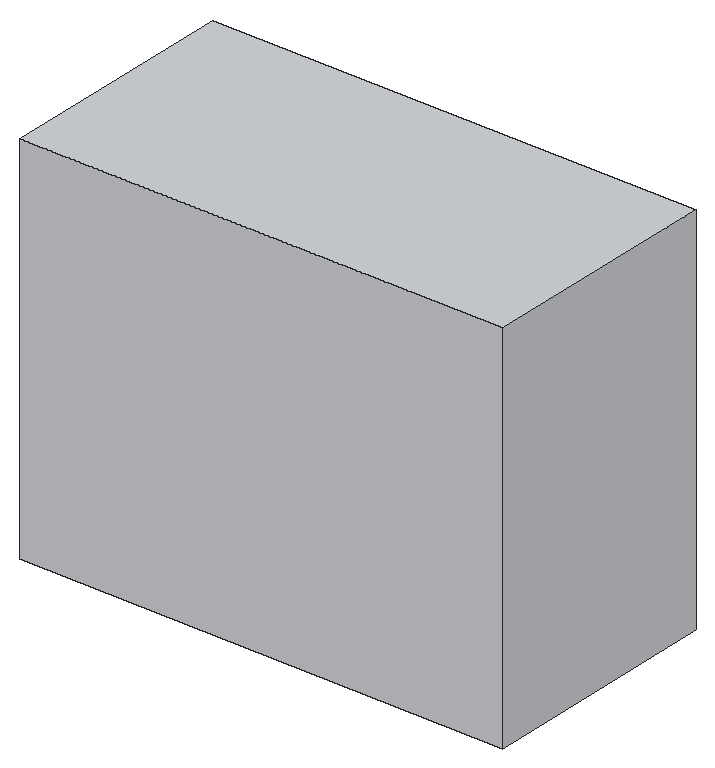
Revit family "c2b07cff3e654bfa97b6b2c19a0f26cb", category Mechanical Equipment, Revit 2021
Family settings
  Round Connector Dimension = Use Diameter
  Part Type = Normal
  OmniClass Number = 23.75.35.14
  OmniClass Title = Air Handling Units
  Seek Item ID = AHU Intake-0000-USA-ENU
  Work Plane-Based = No
  Always vertical = Yes
  Cut with Voids When Loaded = No
  Shared = No
  Room Calculation Point = No
Parameters (values of type "For 3 Square Feet of Coil")
  Default Elevation = 0' - 0"
  Air Pressure Drop [instance] = 0.09 in-wg
  Outlet Width = 32"
  Outlet Height = 25"
  Intake Width = 1' - 4"
  Intake Material = none
  Intake Length = 2' - 8"
  Intake Height = 2' - 1"
  Inlet Width = 32"
  Inlet Height = 25"
  Air Flow [instance] = 1800 CFM
Types (17): name | Outlet Width | Outlet Height | Intake Width | Intake Length | Intake Height | Inlet Width | Inlet Height | Air Flow
  (no name) | 32" | 25" | 1' - 4" | 2' - 8" | 2' - 1" | 32" | 25" | 1800 CFM
  For 3 Square Feet of Coil | 32" | 25" | 1' - 4" | 2' - 8" | 2' - 1" | 32" | 25" | 1800 CFM
  For 6 Square Feet of Coil | 44" | 28" | 1' - 4" | 3' - 8" | 2' - 4" | 44" | 28" | 3600 CFM
  For 8 Square Feet of Coil | 48" | 32" | 1' - 4" | 4' - 0" | 2' - 8" | 48" | 32" | 4800 CFM
  For 10 Square Feet of Coil | 60" | 34" | 1' - 4" | 5' - 0" | 2' - 10" | 60" | 34" | 6000 CFM
  For 12 Square Feet of Coil | 64" | 38" | 1' - 4" | 5' - 4" | 3' - 2" | 64" | 38" | 7200 CFM
  For 14 Square Feet of Coil | 68" | 40" | 1' - 4" | 5' - 8" | 3' - 4" | 68" | 40" | 8400 CFM
  For 17 Square Feet of Coil | 74" | 44" | 1' - 4" | 6' - 2" | 3' - 8" | 74" | 44" | 10200 CFM
  For 21 Square Feet of Coil | 76" | 50" | 1' - 4" | 6' - 4" | 4' - 2" | 76" | 50" | 12600 CFM
  For 25 Square Feet of Coil | 78" | 56" | 1' - 4" | 6' - 6" | 4' - 8" | 78" | 56" | 15000 CFM
  For 30 Square Feet of Coil | 92" | 56" | 1' - 4" | 7' - 8" | 4' - 8" | 92" | 56" | 18000 CFM
  For 35 Square Feet of Coil | 96" | 62" | 1' - 4" | 8' - 0" | 5' - 2" | 96" | 62" | 21000 CFM
  For 40 Square Feet of Coil | 110" | 62" | 1' - 4" | 9' - 2" | 5' - 2" | 110" | 62" | 24000 CFM
  For 50 Square Feet of Coil | 120" | 74" | 1' - 8" | 10' - 0" | 6' - 2" | 120" | 74" | 30000 CFM
  For 66 Square Feet of Coil | 138" | 92" | 2' - 6" | 11' - 6" | 7' - 8" | 138" | 92" | 39600 CFM
  For 80 Square Feet of Coil | 138" | 110" | 2' - 6" | 11' - 6" | 9' - 2" | 138" | 110" | 48000 CFM
  For 100 Square Feet of Coil | 152" | 120" | 2' - 6" | 12' - 8" | 10' - 0" | 152" | 120" | 60000 CFM
Reference planes (in)
  plane 1 "Center (Front/Back)": y = 0
  plane 2: z = 0
  plane 3 "Center (Left/Right)": x = 0
  plane 4: y = 16
  plane 5: x = -16
  plane 6: x = 16
  plane 7: z = 25
Forms (in)
  Extrusion 1, solid, material <- "Intake Material"
    sketch origin (0, 0, 0) x (1, 0, 0) y (0, 0, 1)
      loop
        line (-16, 25) -> (-16, 0) -> (16, 0) -> (16, 25) -> (-16, 25)
    from -16 to 0
Dimensions and locks (in)
  equal spacing: plane 5, plane 3 "Center (Left/Right)", plane 6
  "Intake Length": plane 5 to plane 6
  "Intake Width": plane 4 to plane 1 "Center (Front/Back)"
  "Intake Height": plane 7 to level
  aligned and locked: plane 2 to level
  aligned and locked: plane 5 to Extrusion 1 sketch curve
  aligned and locked: Extrusion 1 sketch curve to plane 7
  aligned and locked: Extrusion 1 sketch curve to plane 6
  aligned and locked: plane 4 to Extrusion 1
  aligned and locked: plane 1 "Center (Front/Back)" to Extrusion 1
  aligned and locked: Extrusion 1 to plane 2
Automatic sketch dimensions
  Extrusion 1 sketch curve to level = 0' - 0"
Connectors (in)
  hvac at (0, 16, 12.5), driven by "Outlet Width", driven by "Outlet Height", driven by "Air Flow", driven by "Air Pressure Drop"
    settings: on Extrusion 1, index 1, duct flow 1800 CFM, flow factor 0, pres drop 0.09 in-wg, loss coef 0, conn angle 0.00°, conn width 32", conn height 25", conn diameter 24", duct sys type 29, conn prof type 1, flow config 1, flow direction 2, loss method 4, conn ref index 2, conn util no, is conn primary yes, conn desc ""
  hvac at (0, 0, 12.5), driven by "Inlet Height", driven by "Inlet Width", driven by "Air Flow"
    settings: on Extrusion 1, index 2, duct flow 1800 CFM, flow factor 0, pres drop 0.00 in-wg, loss coef 0, conn angle 0.00°, conn width 32", conn height 25", conn diameter 24", duct sys type 29, conn prof type 1, flow config 1, flow direction 1, loss method 0, conn ref index 1, conn util no, is conn primary no, conn desc ""
